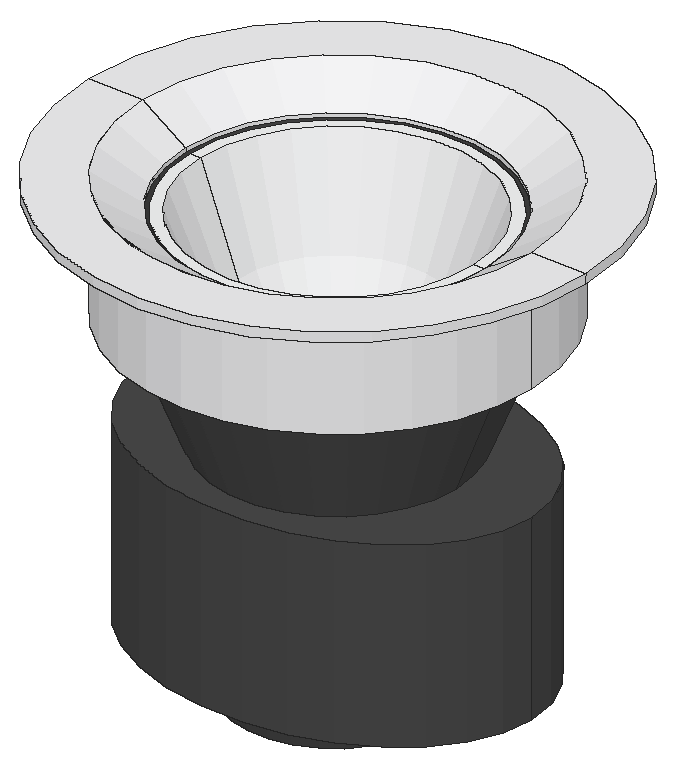
Revit family "2070017", category Lighting Fixtures, host Face, Revit 2018
Family settings
  Host = Face
  Round Connector Dimension = Use Diameter
  Part Type = Normal
  OmniClass Number = 23.80.70.11.17
  OmniClass Title = Specialized Lighting by Location or Use
  Cut with Voids When Loaded = No
  Light Source = Yes
  Shared = No
  Room Calculation Point = No
Parameters (values of type "2070017 EXPOSPOT 70 FIX RA90 3000K WB WHITE")
  Weight = 0.52 kg  # constant formula
  Total Power Consumption = 20.9996 W
  Reflector Material = Aluminum_Sylvania_Expospot_Polished
  Radius = Diameter / 2  # 55.0 mm
  Keynote = "n/a"
  Cooling Small Axis = Radius - 23.0 mm  # 32.0 mm
  Cooling Big Axis = Radius - 12.0 mm  # 43.0 mm
  Product Code = "0060226"
  Photobiological Risk Group = "RG1"  # constant formula
  Nominal Frequency = "50/60Hz"  # constant formula
  Max. Luminaires per 20A C Breaker = "70"  # constant formula
  Max. Luminaires per 20A B Breaker = "42"  # constant formula
  Max. Luminaires per 16A C Breaker = "51"  # constant formula
  Max. Luminaires per 16A B Breaker = "31"  # constant formula
  Max. Luminaires per 13A C Breaker = "41"  # constant formula
  Max. Luminaires per 13A B Breaker = "25"  # constant formula
  Max. Luminaires per 10A C Breaker = "31"  # constant formula
  Max. Luminaires per 10A B Breaker = "19"  # constant formula
  Lamp Power Factor = 0.9  # constant formula
  LOR = "100%"  # constant formula
  Inrush Duration = "139µs"  # constant formula
  Inrush Current = 28 A  # constant formula
  IP Rating = "IP20"  # constant formula
  IK Rating = "IK02"  # constant formula
  Height = 101.0 mm  # constant formula
  Wattage = 20.9996 W
  built-in parameter 1150110 = 1 (stored number, unit not read)
  Voltage Comments = "220-240V~"  # constant formula
  Voltage = 240 V  # constant formula
  URL = "0.9"
  built-in parameter 1114217 = 1 (stored number, unit not read)
  Tilt Angle = -90°  # constant formula
  built-in parameter 1150109 = 1 (stored number, unit not read)
  built-in parameter 1150134 = (empty or 0)
  built-in parameter 1150113 = 1 (stored number, unit not read)
  Product Page URL = "http://www.sylvania-lighting.com/product/en-int/products/0060226"
  Product Family = "EXPOSPOT 70 FIXED"  # constant formula
  Photometry Comments = ""
  Photometric Web File = "2070018.ies"
  Glow Wire Test = 850 °C  # constant formula
  Emit from Circle Diameter = Diameter - 24.0 mm  # 86.0 mm
  Emit Shape Visible in Rendering = no
  Electrical Protection = "Class II"  # constant formula
  Drive Current = "500mA"  # constant formula
  Dimmable = "N"  # constant formula
  Diffuser Material = Acrylic_Sylvania_Expospot_3000K
  Diameter = 110.0 mm  # constant formula
  Cutout Diameter = Diameter - 10.0 mm  # 100.0 mm
  Created by URL = "http://all1studio.com/"
  Created by = "All 1 Studio Ltd. "  # constant formula
  Control Gear Type = "Electronic"  # constant formula
  Control Gear Required = "No"  # constant formula
  Control Gear Mounting = "Remote"  # constant formula
  Colour Variation Initial = "3SDCM"  # constant formula
  built-in parameter 1114216 [instance] = 1 (stored number, unit not read)
  Model = "EXPOSPOT 70 FIXED RA90 3000K WB WHITE"
  Manufacturer = "Feilo Sylvania"  # constant formula
  built-in parameter 1150105 = 171.25 (stored number, unit not read)
  Lumens = 2152 lm
  built-in parameter 1150115 = 1 (stored number, unit not read)
  built-in parameter 1150137 = (empty or 0)
  built-in parameter 1150139 = (empty or 0)
  built-in parameter 1150112 = 1 (stored number, unit not read)
  built-in parameter 1150114 = 1 (stored number, unit not read)
  Lamp = "LED"  # constant formula
  built-in parameter 1150132 = 2
  built-in parameter 1150102 = (empty or 0)
  built-in parameter 1150107 = 3000 (stored number, unit not read)
  built-in parameter 1150138 = 3000
  built-in parameter 1150106 = 1.7125 (stored number, unit not read)
  CRI = "80Ra"
  Body Material = Aluminum_Sylvania_Expospot_White
  built-in parameter 1150104 = 9.5206 (stored number, unit not read)
  Dimming Lamp Color Temperature Shift = <None>
  Description = "Specifically designed for Retail and Display applications. I.e. Supermarkets, Fashion Retail, Department stores. Build around a 70mm reflector and lens combination."  # constant formula
  Default Elevation = 0.0 mm
  Color Filter = 16777215
  built-in parameter 1140040 [instance] = 1
  Beam Angle = 43°
  built-in parameter 1114218 = 1 (stored number, unit not read)
  Average Life = "50 000h"  # constant formula
  built-in parameter 1150133 = 10 (stored number, unit not read)
  Assembly Code = "D5020200"
  Apparent Load Comments = ""
  Apparent Load = 21 VA
  Cooling Material = Plastic_Sylvania_Expospot_Black
Reference planes
  plane 1 "Center (Front/Back)": y = 0
  plane 2: z = 0
  plane 3 "Center (Left/Right)": x = -7.423
  plane 4 "Fixture Bottom": z = 2
  plane 5: x = -62.423
  plane 6: x = -50.423
  plane 7: x = -40.923
  plane 8: z = -5
  plane 9: x = -47.923
  plane 10: z = -4.2
  plane 11: x = -39.923
  plane 12: x = -18.423
  plane 13: x = -20.753
  plane 14: z = -46
  plane 15: z = -25
  plane 16: z = -90.5
  plane 17 "Fixture Top": z = -99
  plane 18: z = -50.5
Forms (mm)
  Revolve 1, solid, material "Aluminum_Sylvania_Expospot_White" <- "Body Material", detail levels fine
    sketch origin (0, 0, 0) x (1, 0, 0) y (0, 0, 1)
      loop
        line (-50.423, 2) -> (-62.423, 2) -> (-62.423, 0) -> (-50.423, 0) -> (-50.423, -25) -> (-47.923, -25) -> (-47.923, -5) -> (-40.923, -5) -> (-40.923, -4.2) -> (-50.423, 2)
      axis (-7.423, 2) -> (-7.423, -25)
    angle from 0 to 360
  Revolve 2, solid, material "Aluminum_Sylvania_Expospot_Polished" <- "Reflector Material", detail levels fine
    sketch origin (0, 0, 0) x (1, 0, 0) y (0, 0, 1)
      loop
        arc (-39.923, -5) -> (-31.687, -26.131) -> (-20.753, -46) r 172.616
        line (-20.753, -46) -> (-18.423, -46)
        arc (-18.423, -46) -> (-29.46, -26.173) -> (-37.623, -5) r 162.237
        line (-37.623, -5) -> (-39.923, -5)
      axis (-7.423, -5) -> (-7.423, -46)
    angle from 0 to 360
  Revolve 3, solid, material "Acrylic_Sylvania_Expospot_3000K" <- "Diffuser Material", detail levels fine
    sketch origin (0, 0, 0) x (1, 0, 0) y (0, 0, 1)
      loop
        arc (-7.423, -37.989) -> (-14.227, -40.204) -> (-18.423, -46) r 11.557
        line (-18.423, -46) -> (-17.367, -46)
        arc (-17.367, -46) -> (-13.506, -40.918) -> (-7.423, -38.989) r 10.557
        line (-7.423, -38.989) -> (-7.423, -37.989)
      axis (-7.423, -37.989) -> (-7.423, -46)
    angle from 0 to 360
  Extrusion 4, solid, material "Plastic_Sylvania_Expospot_Black" <- "Cooling Material", detail levels fine
    sketch origin (0, 0, 0) x (1, 0, 0) y (0, 1, 0)
      loop
        spline (35.577, 0) -> (34.112, 8.282) -> (29.816, 16) -> (22.983, 22.627) -> (14.077, 27.713) -> (3.707, 30.91) -> (-7.423, 32) -> (-18.552, 30.91) -> (-28.923, 27.713) -> (-37.828, 22.627) -> (-44.662, 16) -> (-48.958, 8.282) -> (-50.423, 0)
        spline (-50.423, 0) -> (-48.958, -8.282) -> (-44.662, -16) -> (-37.828, -22.627) -> (-28.923, -27.713) -> (-18.552, -30.91) -> (-7.423, -32) -> (3.707, -30.91) -> (14.077, -27.713) -> (22.983, -22.627) -> (29.816, -16) -> (34.112, -8.282) -> (35.577, 0)
    from -90.5 to -50.5
  Revolve 5, solid, material "Plastic_Sylvania_Expospot_Black" <- "Cooling Material", detail levels fine
    sketch origin (0, 0, 0) x (1, 0, 0) y (0, 0, 1)
      loop
        line (-31.337, -90.5) -> (-31.337, -92.433) -> (-29.248, -99) -> (-7.423, -99) -> (-7.423, -90.5) -> (-31.337, -90.5)
      axis (-7.423, -90.5) -> (-7.423, -99)
    angle from 0 to 360
  Extrusion 6, void
    sketch origin (0, 0, 0) x (1, 0, 0) y (0, 1, 0)
      loop
        circle (-7.423, 0) r 50
    from -90.5 to 0
  Revolve 7, solid, material "Aluminum_Sylvania_Expospot_White" <- "Body Material", detail levels coarse+medium
    sketch origin (0, 0, 0) x (1, 0, 0) y (0, 0, 1)
      loop
        line (-62.423, 2) -> (-62.423, 0) -> (-50.423, 0) -> (-50.423, -99) -> (-7.423, -99) -> (-7.423, 2) -> (-62.423, 2)
      axis (-7.423, 2) -> (-7.423, -99)
    angle from 0 to 360
  Revolve 8, solid, material "Plastic_Sylvania_Expospot_Black" <- "Cooling Material", detail levels fine
    sketch origin (0, 0, 0) x (1, 0, 0) y (0, 0, 1)
      loop
        line (-47.923, -5) -> (-47.923, -25) -> (-44.155, -25) -> (-33.852, -50.5) -> (-7.423, -50.5) -> (-7.423, -46) -> (-34.592, -46) -> (-43.48, -24) -> (-46.923, -24) -> (-46.923, -5) -> (-47.923, -5)
      axis (-7.423, -5) -> (-7.423, -50.5)
    angle from 0 to 360
Cuts and joins
  joined: Extrusion 4, Revolve 5
Lines and regions (mm)
  Masking region 1
    outline origin (0, 0, 0) x (1, 0, 0) y (0, 1, 0)
      loop
        circle (-7.423, 0) r 55
  symbolic lines, detail levels fine
    curve 1: arc (-50.423, 0, 0) -> (-7.423, 43, 0) -> (35.577, 0, 0) r 43
    curve 2: arc (35.577, 0, 0) -> (-7.423, -43, 0) -> (-50.423, 0, 0) r 43
    curve 3: arc (3.577, 0, 0) -> (-7.423, -11, 0) -> (-18.423, 0, 0) r 11
    curve 4: arc (-18.423, 0, 0) -> (-7.423, 11, 0) -> (3.577, 0, 0) r 11
Dimensions and locks
  "Radius": plane 3 "Center (Left/Right)" to plane 5
  Revolve 3 sketch curve to Revolve 3 sketch curve to plane 14 = 1.0 mm locked, 7.011 mm locked
  "Cooling Small Axis": plane 1 "Center (Front/Back)" to Extrusion 4 sketch curve
  "Cooling Big Axis": Extrusion 4 sketch curve to plane 3 "Center (Left/Right)"
  "Height": plane 4 "Fixture Bottom" to plane 17 "Fixture Top"
  locked: plane 16 to plane 17 "Fixture Top" at 8.5
  plane 12 to plane 13 to plane 11 to plane 7 to plane 9 to plane 6 to plane 5 = 2.33 mm locked, 19.17 mm locked, 1.0 mm locked, 7.0 mm locked, 2.5 mm locked, 12.0 mm locked
  locked: Revolve 2 sketch curve to plane 11 at 2.3
  plane 4 "Fixture Bottom" to plane 10 to plane 8 to plane 15 to plane 14 to plane 18 = 6.2 mm locked, 0.8 mm locked, 20.0 mm locked, 21.0 mm locked, 4.5 mm locked
  "Cutout Diameter": diameter of Extrusion 6 sketch curve
  aligned and locked: host face to plane 2
  aligned and locked: host face to level
  aligned and locked: plane 1 "Center (Front/Back)" to imposter light
  aligned and locked: plane 3 "Center (Left/Right)" to imposter light
  aligned and locked: Revolve 1 sketch curve to plane 5
  aligned and locked: Revolve 1 sketch curve to plane 6
  aligned and locked: plane 9 to Revolve 1 sketch curve
  aligned and locked: plane 7 to Revolve 1 sketch curve
  aligned and locked: plane 10 to Revolve 1 sketch curve
  aligned and locked: plane 6 to Revolve 1 sketch curve
  aligned and locked: plane 8 to Revolve 1 sketch curve
  aligned and locked: Revolve 1 sketch curve to plane 2
  aligned and locked: plane 4 "Fixture Bottom" to Revolve 1 sketch curve
  aligned and locked: plane 15 to Revolve 1 sketch curve
  aligned and locked: plane 16 to Extrusion 4
  aligned and locked: plane 16 to Extrusion 6
  aligned and locked: plane 2 to Extrusion 6
  aligned and locked: Revolve 7 sketch curve to plane 6
  aligned and locked: plane 17 "Fixture Top" to Revolve 7 sketch curve
  aligned and locked: Revolve 7 sketch curve to plane 2
  aligned and locked: plane 4 "Fixture Bottom" to Revolve 7 sketch curve
  aligned and locked: Revolve 7 sketch curve to plane 5
  aligned and locked: plane 3 "Center (Left/Right)" to Revolve 7 sketch curve
  aligned and locked: curve 1 to Revolve 1
  aligned and locked: curve 2 to Revolve 1
  aligned and locked: curve 3 to Revolve 3
  aligned and locked: curve 4 to Revolve 3
  aligned and locked: imposter light to plane 4 "Fixture Bottom"
  aligned and locked: cut or joined group of Extrusion 4, Revolve 5 to plane 18
  aligned and locked: plane 14 to Revolve 8 sketch curve
Automatic sketch dimensions
  host sketch curve to host sketch curve = 1506.034 mm
  host sketch curve to host sketch curve = 1442.359 mm
  Revolve 1 sketch curve to plane 3 "Center (Left/Right)" = 0.0 mm
  Revolve 1 sketch curve to Revolve 1 sketch curve = 23.246 mm
  plane 4 "Fixture Bottom" to Revolve 1 sketch curve = 11.292 mm
  Revolve 3 sketch curve to Revolve 3 sketch curve = 0.0 mm
  Revolve 3 sketch curve to plane 12 = 0.0 mm
  Revolve 3 sketch curve to plane 14 = 0.0 mm
  Revolve 3 sketch curve to plane 3 "Center (Left/Right)" = 0.0 mm  (x2)
  Revolve 3 sketch curve to plane 14 = 1.818 mm
  plane 8 to Revolve 3 sketch curve = 3.0 mm
  Revolve 5 sketch curve to plane 16 = 0.0 mm
  Revolve 5 sketch curve to plane 17 "Fixture Top" = 0.0 mm
  Revolve 5 sketch curve to plane 3 "Center (Left/Right)" = 0.0 mm  (x2)
  plane 16 to Revolve 5 sketch curve = 1.933 mm
  plane 17 "Fixture Top" to Revolve 5 sketch curve = 271.274 mm
  plane 4 "Fixture Bottom" to Revolve 5 sketch curve = 1145.706 mm
  plane 1 "Center (Front/Back)" to Extrusion 4 sketch curve = 0.0 mm
  Extrusion 4 sketch curve to plane 3 "Center (Left/Right)" = 0.0 mm
  plane 1 "Center (Front/Back)" to Extrusion 6 sketch curve = 0.0 mm
  Extrusion 6 sketch curve to plane 3 "Center (Left/Right)" = 0.0 mm
  Revolve 7 sketch curve to plane 3 "Center (Left/Right)" = 0.0 mm
  plane 17 "Fixture Top" to Revolve 7 sketch curve = 24.097 mm
  Revolve 7 sketch curve to Revolve 7 sketch curve = 45.0 mm
  Masking region 1 sketch curve to Masking region 1 sketch curve = 0.0 mm  (x2)
  plane 1 "Center (Front/Back)" to Masking region 1 sketch curve = 0.0 mm
  Masking region 1 sketch curve to plane 5 = 0.0 mm
  Masking region 1 sketch curve to plane 3 "Center (Left/Right)" = 0.0 mm
  Revolve 2 sketch curve to plane 8 = 0.0 mm
  Revolve 2 sketch curve to plane 11 = 0.0 mm
  Revolve 2 sketch curve to plane 13 = 0.0 mm
  Revolve 2 sketch curve to plane 12 = 0.0 mm
  plane 3 "Center (Left/Right)" to Revolve 2 sketch curve = 0.0 mm
  Revolve 2 sketch curve to plane 14 = 0.0 mm
  plane 4 "Fixture Bottom" to Revolve 2 sketch curve = 40.631 mm
  Revolve 2 sketch curve to Revolve 2 sketch curve = 7.216 mm
  plane 17 "Fixture Top" to Revolve 2 sketch curve = 294.274 mm
  Revolve 2 sketch curve to Revolve 2 sketch curve = 1100.726 mm
  plane 11 to Revolve 5 sketch curve = 10.675 mm
  plane 7 to Revolve 5 sketch curve = 9.586 mm
  Revolve 8 sketch curve to plane 9 = 0.0 mm
  Revolve 8 sketch curve to plane 15 = 0.0 mm
  Revolve 8 sketch curve to plane 18 = 0.0 mm
  Revolve 8 sketch curve to plane 3 "Center (Left/Right)" = 0.0 mm  (x2)
  Revolve 8 sketch curve to plane 8 = 0.0 mm
  Revolve 8 sketch curve to plane 7 = 3.232 mm
  Revolve 8 sketch curve to Revolve 8 sketch curve = 0.675 mm
  plane 11 to Revolve 8 sketch curve = 6.071 mm
  Revolve 8 sketch curve to Revolve 8 sketch curve = 0.74 mm
  Revolve 8 sketch curve to plane 15 = 1.0 mm
  Revolve 8 sketch curve to Revolve 8 sketch curve = 1.0 mm
  plane 17 "Fixture Top" to Revolve 8 sketch curve = 273.274 mm
  plane 4 "Fixture Bottom" to Revolve 8 sketch curve = 1145.706 mm
Connectors
  electrical at (-7.423, 0, -99), driven by "Voltage", driven by "Apparent Load", driven by "Lamp Power Factor"
    settings: on cut or joined group of Extrusion 4, Revolve 5, index 1, voltage 240 V, apparent load 0 VA, apparent load phase1 21 VA, apparent load phase2 0 VA, apparent load phase3 0 VA, power factor 0.9, load classification "Lighting", number of poles 1, system type 31, power factor state 1, is connector primary yes, connector utility no, sub classification motor no, connector description ""
